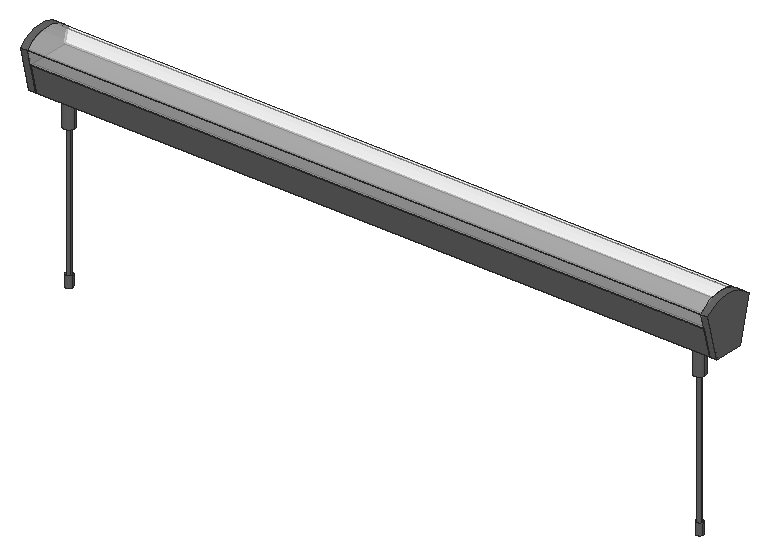
Revit family "67L-P-Bell", category Lighting Fixtures, host Face, Revit 2021
Family settings
  Host = Face
  Round Connector Dimension = Use Diameter
  Part Type = Normal
  OmniClass Number = 23.80.70.11
  OmniClass Title = Luminaries for Internal Lighting
  Cut with Voids When Loaded = No
  Light Source = Yes
  Shared = No
  Room Calculation Point = No
Parameters (values of type "Note 67L-Carbon Black")
  Width = 48.000"
  Watts = 16 W
  Wattage Comments = "4.5-16 W"  # constant formula
  Wattage = 16 W
  built-in parameter 1150110 = 1 (stored number, unit not read)
  Voltage = 120 V
  URL = "https://www.currentlighting.com/litecontrol"
  built-in parameter 1114217 = 1 (stored number, unit not read)
  Tilt Angle = -90.00°
  built-in parameter 1150109 = 1 (stored number, unit not read)
  built-in parameter 1150134 = (empty or 0)
  built-in parameter 1150113 = 1 (stored number, unit not read)
  Reflector Finish = Glass -  White
  Product Page URL = ""
  Product Material = Paint - Carbon Black
  Product Documentation Link = ""
  Photometric Web File = "67L-P-D-4-4-BL-C1-35K-D055.IES"
  Photometric Notes = "Photometric web Download in below link"  # constant formula
  Pendent Height = 12.000"
  Model = "67L-P-D"  # constant formula
  Manufacturer = "Litecontrol"  # constant formula
  built-in parameter 1150105 = 2291.8 (stored number, unit not read)
  Lumens = 28800 lm
  built-in parameter 1150115 = 1 (stored number, unit not read)
  Load Classification = Lighting
  built-in parameter 1150137 = (empty or 0)
  built-in parameter 1150139 = (empty or 0)
  built-in parameter 1150112 = 1 (stored number, unit not read)
  built-in parameter 1150114 = 1 (stored number, unit not read)
  Lamp = "LED 1800 lumens/ft"  # constant formula
  built-in parameter 1150132 = (empty or 0)
  built-in parameter 1150102 = (empty or 0)
  built-in parameter 1150107 = 3500 (stored number, unit not read)
  built-in parameter 1150138 = (empty or 0)
  built-in parameter 1150106 = 22.918 (stored number, unit not read)
  Frequency = 60 Hz  # constant formula
  Emit from Rectangle Width = 2.000"
  Emit from Rectangle Length = (Width - 1.000")  # 47.000"
  Emit Shape Visible in Rendering = no
  built-in parameter 1150104 = 167.23 (stored number, unit not read)
  Dimming Lamp Color Temperature Shift = <None>
  Description = "The NOTE 67L Pendant brings direct illumination, performance and versatility, all within a slim profile and a fresh, contemporary style."  # constant formula
  Default Elevation = 48.000"
  Color Filter = 16777215
  built-in parameter 1114218 = 1 (stored number, unit not read)
  built-in parameter 1150133 = 10 (stored number, unit not read)
  Apparent Load = 0 VA
Types (7): name | Product Material
  (no name) | Paint - Carbon Black
  Note 67L-Textured Matte White | Paint -  Textured Matte White
  Note 67L-Matte White | Paint - Matte White
  Note 67L-Light Silver | Paint -  Light Silver
  Note 67L-Machined Aluminium | Paint -  Machined Aluminum
  Note 67L-Carbon Black | Paint - Carbon Black
  Note 67L-Textured Camera Black | Paint -  Textured Camera Black
Reference planes (in)
  plane 1 "Center (Front/Back)": y = 0
  plane 2: z = 0
  plane 3 "Center (Left/Right)": x = 0
  plane 4: x = -22
  plane 5: z = 12
  plane 6: x = 22
  plane 7: x = -24
  plane 8: x = 24
  plane 9: z = 14
Forms (in)
  Revolve 1, solid, material "Paint - Carbon Black" <- "Product Material"
    sketch origin (0, 0, 0) x (1, 0, 0) y (0, 0, 1)
      loop
        line (-21.76618, 0) -> (-21.76618, 0.75) -> (-21.86618, 0.75) -> (-21.86618, 10) -> (-21.61618, 10) -> (-21.61618, 12) -> (-22, 12) -> (-22, 0) -> (-21.76618, 0)
      axis (-22, 12) -> (-22, 0)
    angle from 0 to 360
  Revolve 2, solid, material "Paint - Carbon Black" <- "Product Material"
    sketch origin (0, 0, 0) x (-1, 0, 0) y (0, 0, 1)
      loop
        line (-21.76618, 0) -> (-21.76618, 0.75) -> (-21.86618, 0.75) -> (-21.86618, 10) -> (-21.61618, 10) -> (-21.61618, 12) -> (-22, 12) -> (-22, 0) -> (-21.76618, 0)
      axis (-22, 12) -> (-22, 0)
    angle from 0 to 360
Dimensions and locks (in)
  "Pendent Height": plane 5 to host face
  locked: plane 5 to Revolve 1 sketch curve at 2
  locked: Revolve 1 sketch curve to host face at 0.75
  equal spacing: plane 6, plane 3 "Center (Left/Right)", plane 4
  locked: plane 4 to plane 7 at 2
  locked: plane 6 to plane 8 at 2
  "Width": plane 8 to plane 7
  locked: plane 9 to plane 5 at 2
  aligned and locked: plane 2 to host face
  aligned and locked: level to host face
  aligned and locked: plane 2 to Revolve 1 sketch curve
  aligned and locked: Revolve 1 sketch curve to plane 4
  aligned and locked: plane 5 to Revolve 1
  aligned and locked: plane 5 to Revolve 2
  aligned and locked: Revolve 2 sketch curve to Revolve 2 sketch curve
  aligned and locked: Revolve 1 to Revolve 2  (x2)
  aligned and locked: Revolve 2 to host face
  aligned and locked: plane 3 "Center (Left/Right)" to imposter light
  aligned and locked: nested 1 to plane 3 "Center (Left/Right)"
  aligned and locked: nested 1 to plane 1 "Center (Front/Back)"
  aligned and locked: plane 9 to imposter light
Automatic sketch dimensions
  host sketch curve to host sketch curve = 96.000"  (x2)
  Revolve 1 sketch curve to plane 4 = 0.000"
  Revolve 1 sketch curve to plane 5 = 0.000"
  plane 4 to Revolve 1 sketch curve = 0.13382"
  Revolve 1 sketch curve to Revolve 1 sketch curve = 0.100"
  Revolve 1 sketch curve to Revolve 1 sketch curve = 0.250"
  Revolve 1 sketch curve to level = 16.89225"
  Revolve 1 sketch curve to Revolve 1 sketch curve = 1.13733"
  plane 6 to Revolve 2 sketch curve = 0.000"
  Revolve 2 sketch curve to level = 0.000"
  Revolve 2 sketch curve to plane 5 = 0.000"
  Revolve 2 sketch curve to plane 6 = 0.13382"
  Revolve 2 sketch curve to Revolve 2 sketch curve = 0.100"
  Revolve 2 sketch curve to Revolve 2 sketch curve = 0.250"
  Revolve 2 sketch curve to Revolve 2 sketch curve = 16.89225"
  Revolve 2 sketch curve to level = 0.750"
  Revolve 2 sketch curve to plane 5 = 2.000"
  Revolve 2 sketch curve to Revolve 2 sketch curve = 2.64693"
Nested families (in)
  nested 1: "Bell Light" at (-2.04767, 0.03999, 12) x (-1, 0, 0) z (0, 0, 1), Row Length <- "Width", Glass <- "Reflector Finish", Backbox <- "Product Material", type "Bell Light"
    with Row Length 48.000", Glass Glass -  White, Backbox Paint - Carbon Black
Connectors (in)
  electrical at (22, 0, 12), driven by "Voltage", driven by "Apparent Load", driven by "Load Classification"
    settings: on Revolve 2, index 1, voltage 120 V, apparent load 0 VA, apparent load phase1 0 VA, apparent load phase2 0 VA, apparent load phase3 0 VA, power factor 1, load classification "Lighting", number of poles 1, system type 30, power factor state 1, is connector primary yes, connector utility no, sub classification motor no, connector description "Lighting Connector"
Definition of nested family "Bell Light"
  Parameters
    Wattage Comments = ""
    URL = ""
    Row Length [instance] = 24.000"
    Product Page URL = ""
    Product Documentation Link = ""
    Model = ""
    Manufacturer Phone = ""
    Manufacturer Fax = ""
    Manufacturer = ""
    Lamp = ""
    Glass [instance] = none
    Description = ""
    Default Elevation = 48.000"
    Backbox [instance] = none
  Reference planes (in)
    plane 1 "Center (Front/Back)": y = 0.03999
    plane 2: z = 0
    plane 3 "Center (Left/Right)": x = -2.04767
    plane 4: x = -14.04767
    plane 5: x = 9.95233
    plane 6: x = -13.54767
    plane 7: x = 9.45233
    plane 8: z = 3.7
    plane 9: y = -1.71001
    plane 10: y = 1.78999
    plane 11: z = 2
    plane 12: y = -0.96001
    plane 13: y = 1.03999
  Forms (in)
    Extrusion 1, solid
      sketch origin (0, 0, 0.06357) x (1, 0, 0) y (0, 1, 0)
        loop
          line (-48, 48) -> (-48, -48) -> (48, -48) -> (48, 48) -> (-48, 48)
      from -0.06357 to -6.06357
    Extrusion 2, solid, material <- "Backbox"
      sketch origin (-2.04767, 0, 0) x (0, 1, 0) y (0, 0, 1)
        loop
          line (-0.96001, 0) -> (1.0439, 0) -> (1.78999, 2.98437)
          arc (1.78999, 2.98437) -> (0.04194, 3.7) -> (-1.7061, 2.98437) r 2.49278
          line (-1.7061, 2.98437) -> (-0.96001, 0)
      from 11.5 to 12
    Extrusion 3, solid, material <- "Backbox"
      sketch origin (-2.04767, 0, 0) x (0, 1, 0) y (0, 0, 1)
        loop
          line (-0.96001, 0) -> (1.0439, 0) -> (1.78999, 2.98437)
          arc (1.78999, 2.98437) -> (0.04194, 3.7) -> (-1.7061, 2.98437) r 2.49278
          line (-1.7061, 2.98437) -> (-0.96001, 0)
      from -11.5 to -12
    Extrusion 4, solid, material <- "Glass"
      sketch origin (-2.04767, 0, 0) x (0, 1, 0) y (0, 0, 1)
        loop
          line (1.5439, 2) -> (1.78999, 2.98437)
          arc (1.78999, 2.98437) -> (0.04194, 3.7) -> (-1.7061, 2.98437) r 2.49278
          line (-1.7061, 2.98437) -> (-1.46001, 2) -> (-1.33116, 2) -> (-1.56721, 2.94418)
          arc (-1.56721, 2.94418) -> (0.04194, 3.575) -> (1.65109, 2.94418) r 2.36778
          line (1.65109, 2.94418) -> (1.41505, 2) -> (1.5439, 2)
      from -11.5 to 11.5
    Extrusion 5, solid, material <- "Backbox"
      sketch origin (-2.04767, 0, 0) x (0, 1, 0) y (0, 0, 1)
        loop
          line (-0.96001, 0) -> (1.0439, 0) -> (1.5439, 2) -> (-1.46001, 2) -> (-0.96001, 0)
      from -11.5 to 11.5
  Dimensions and locks (in)
    equal spacing: plane 5, plane 3 "Center (Left/Right)", plane 4
    plane 6 to plane 4 = 0.500"
    "Row Length": plane 5 to plane 4
    equal spacing: plane 7, plane 3 "Center (Left/Right)", plane 6
    locked: plane 8 to Extrusion 1 at 3.7
    locked: plane 1 "Center (Front/Back)" to plane 9 at 1.75
    locked: plane 10 to plane 9 at 3.5
    locked: plane 13 to plane 12 at 2
    aligned and locked: plane 2 to Extrusion 1
    aligned and locked: level to Extrusion 1
    aligned and locked: plane 5 to Extrusion 2
    aligned and locked: Extrusion 2 to plane 7
    aligned and locked: plane 7 to Extrusion 5
    aligned and locked: Extrusion 5 to plane 6
    aligned and locked: Extrusion 3 to plane 4
    aligned and locked: plane 6 to Extrusion 3
    aligned and locked: Extrusion 5 sketch curve to level
    aligned and locked: Extrusion 5 to Extrusion 3 sketch curve
    aligned and locked: Extrusion 2 sketch curve to Extrusion 3  (x2)
    aligned and locked: Extrusion 4 to plane 6
    aligned and locked: plane 7 to Extrusion 4
    aligned and locked: Extrusion 3 to Extrusion 2 sketch curve
    aligned and locked: Extrusion 2 to Extrusion 5
    aligned and locked: Extrusion 5 to Extrusion 2
    aligned and locked: plane 11 to Extrusion 5
    aligned and locked: Extrusion 3 to Extrusion 4 sketch curve
    aligned and locked: Extrusion 4 sketch curve to Extrusion 3  (x2)
  Automatic sketch dimensions
    Extrusion 1 sketch curve to Extrusion 1 sketch curve = 96.000"  (x2)
    Extrusion 2 sketch curve to plane 10 = 0.74609"
    Extrusion 5 sketch curve to plane 9 = 0.250"
    Extrusion 5 sketch curve to plane 9 = 0.750"
    Extrusion 5 sketch curve to plane 10 = 0.74609"
    Extrusion 5 sketch curve to plane 10 = 0.24609"
    Extrusion 5 sketch curve to plane 8 = 1.700"
    plane 11 to Extrusion 4 sketch curve = 0.000"  (x2)
    Extrusion 4 sketch curve to Extrusion 4 sketch curve = 0.12885"  (x2)
    Extrusion 4 sketch curve to plane 10 = 0.1389"
    Extrusion 3 sketch curve to plane 10 = 0.000"
    Extrusion 3 sketch curve to plane 10 = 0.74609"
    Extrusion 3 sketch curve to plane 1 "Center (Front/Back)" = 0.00195"
    Extrusion 3 sketch curve to plane 9 = 0.750"
    Extrusion 3 sketch curve to plane 9 = 0.00391"
    plane 11 to Extrusion 3 sketch curve = 0.79277"
    Extrusion 3 sketch curve to plane 8 = 0.71562"
    Extrusion 2 sketch curve to plane 10 = 0.000"
    Extrusion 4 sketch curve to Extrusion 4 sketch curve = 0.0402"  (x2)
    Extrusion 4 sketch curve to Extrusion 4 sketch curve = 0.000"  (x2)
